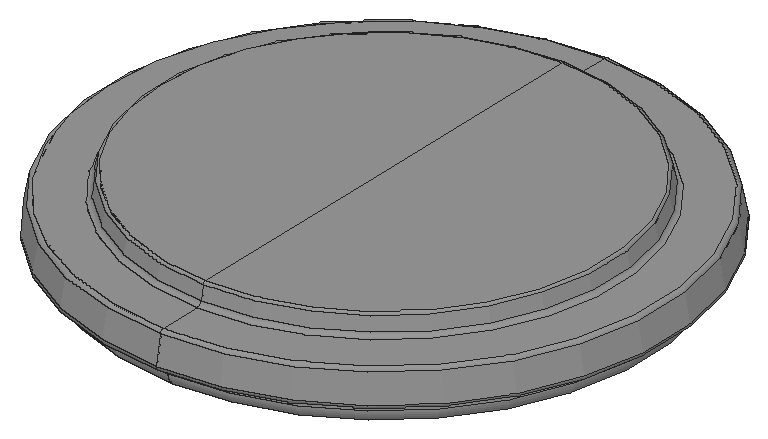
Revit family "FMK12_63_UN_Surface-mounted_ETK", category Lighting Fixtures, Revit 2017 (continued)
Definition of nested family "FMK.1 - Lightsource"
  Types (13, lengths in mm): name | Wattage Comments | Photometric Web File | built-in parameter 1150142 | Apparent Load
      53\t125.7813\t106.5085\r\n88.2355\t70.5452\t54.1615\t7.8573\t0\t0\r\n604.9325\t604.7176\t603.7796\t601.7596\t599.0029\t595.4393\t591.2503\t586.1635\t580.3285\t573.8209\r\n566.5729\t558.4662\t549.5574\t539.959\t529.6359\t518.622\t506.8968\t494.5226\t481.3277\t467.6546\r\n453.3728\t438.6295\t423.5379\t407.4691\t390.6461\t373.1217\t355.4348\t337.4507\t319.172\t300.5231\r\n281.7847\t262.9024\t244.0497\t224.0008\t203.7622\t183.799\t164.2428\t144.9022\t125.7293\t107.5918\r\n88.8514\t71.1298\t54.4435\t38.5694\t0\t0\r\n604.9325\t604.7494\t603.8591\t602.1349\t599.1772\t595.6368\t591.4608\t586.3802\t580.5395\t573.9061\r\n566.6576\t558.7326\t549.8582\t540.3013\t530.0523\t519.0994\t507.4605\t495.1326\t482.1254\t468.5441\r\n454.2405\t439.307\t423.9316\t408.0499\t391.4158\t374.6547\t357.1749\t339.1212\t320.3753\t301.4552\r\n282.4058\t263.17\t243.6782\t224.3313\t205.2234\t185.5059\t165.095\t145.3835\t126.4193\t107.5003\r\n89.5871\t71.6948\t54.518\t36.9883\t0\t0\r\n604.9325\t604.7798\t603.933\t602.2606\t599.5824\t595.8575\t591.7058\t586.6435\t580.8116\t574.1898\r\n566.9202\t558.8521\t549.9829\t540.4445\t530.3688\t519.4493\t507.8531\t495.5801\t482.6631\t469.1248\r\n454.9178\t440.2534\t424.928\t409.1933\t392.26\t375.0811\t357.6797\t339.8697\t321.5662\t303.0997\r\n284.0796\t264.4382\t244.6256\t224.8094\t205.0348\t185.2383\t165.9856\t147.0073\t127.0858\t107.9981\r\n89.7259\t72.2025\t55.0032\t33.0733\t2.9733\t0\r\n604.9325\t604.8087\t604.0009\t602.3737\t599.7493\t596.298\t592.2\t587.1644\t581.1454\t574.5515\r\n567.2809\t559.2119\t550.3447\t540.7829\t530.5511\t519.5979\t508.0056\t495.7365\t482.8831\t469.4721\r\n455.32\t440.7056\t425.4497\t409.8313\t392.9182\t375.989\t358.654\t340.8931\t322.57\t303.9496\r\n284.9419\t265.4893\t245.963\t226.2227\t206.5172\t186.1591\t166.2968\t146.6662\t127.4699\t108.8866\r\n90.4763\t72.3236\t55.4787\t29.4388\t16.9564\t0\r\n604.9325\t604.8361\t604.0626\t602.4735\t599.8962\t596.4937\t592.4457\t587.4678\t581.7164\t575.1773\r\n567.9349\t559.8858\t551.0519\t541.472\t531.0513\t520.0748\t508.4733\t496.1692\t483.3366\t469.7223\r\n455.551\t440.858\t425.587\t409.8699\t393.2087\t376.3423\t359.0181\t341.2638\t323.0544\t304.5645\r\n285.6675\t266.4002\t246.9483\t227.2771\t207.4642\t187.5942\t167.7977\t148.0403\t128.3798\t109.277\r\n90.5235\t72.6235\t56.3199\t28.8061\t14.3084\t0\r\n604.9325\t604.8617\t604.1182\t602.5602\t600.0226\t596.6587\t592.6458\t587.7121\t581.9995\t575.508\r\n568.2964\t560.2824\t551.501\t541.9643\t531.743\t520.7781\t509.1995\t496.8891\t484.1302\t470.4742\r\n456.3108\t441.5572\t426.2844\t410.4684\t394.0507\t377.1843\t359.8341\t342\t323.7882\t305.1042\r\n286.137\t266.7921\t247.3055\t227.5948\t207.825\t187.6657\t167.8486\t148.2204\t128.7693\t109.6958\r\n91.0828\t73.0008\t55.7332\t28.5158\t9.2535\t5.8306\r\n604.9325\t604.8858\t604.1675\t602.6336\t600.1283\t596.7932\t592.7994\t587.8971\t582.2037\t575.7372\r\n568.5319\t560.5294\t551.7717\t542.2778\t531.8858\t520.932\t509.3938\t497.098\t484.3744\t470.7813\r\n456.6695\t441.9743\t426.7397\t410.9949\t394.281\t377.6255\t360.349\t342.6082\t324.4077\t305.9467\r\n287.057\t267.8093\t248.3563\t228.6492\t208.8539\t188.9518\t169.1246\t149.344\t129.7127\t110.5106\r\n91.7654\t73.7774\t57.5617\t24.3495\t13.0724\t0\r\n604.9325\t604.9084\t604.2102\t602.6933\t600.2132\t596.897\t592.9066\t588.0227\t582.1208\t575.6725\r\n568.4733\t560.4987\t551.7845\t542.3932\t532.2197\t521.3168\t509.8504\t497.6049\t484.9598\t471.5946\r\n457.5683\t442.9406\t427.7495\t412.0765\t395.0762\t378.5872\t361.3233\t343.5924\t325.3398\t306.7643\r\n287.7814\t268.4081\t248.9004\t229.0701\t209.3799\t189.1876\t169.2491\t149.5934\t130.3692\t111.7187\r\n93.1623\t74.832\t56.0552\t30.1574\t17.757\t0\r\n604.9325\t604.9291\t604.2466\t602.7396\t600.277\t596.7549\t592.7641\t587.9288\t582.2718\t575.869\r\n568.7055\t560.782\t552.1376\t542.8605\t532.8647\t522.03\t510.6246\t498.4005\t485.7799\t472.303\r\n458.2807\t443.627\t428.3966\t412.6847\t395.7487\t379.043\t361.726\t344.0152\t325.8533\t307.4149\r\n288.4358\t268.8734\t249.1853\t229.375\t209.698\t190.0696\t170.6999\t151.6406\t131.5559\t112.2365\r\n93.7694\t75.9803\t57.7978\t36.3903\t3.3572\t0\r\n604.9325\t604.9482\t604.2766\t602.7724\t600.1026\t596.8317\t592.8688\t588.0895\t582.4821\t576.1402\r\n569.0311\t561.2923\t552.7151\t543.5197\t533.3842\t522.5693\t511.1655\t498.9339\t486.2842\t472.7688\r\n458.7265\t443.8734\t428.6057\t412.8898\t396.4891\t379.9651\t362.5484\t344.6873\t326.0862\t307.3448\r\n288.413\t269.2614\t249.8982\t230.6041\t211.5997\t191.9184\t171.4046\t151.5305\t132.3891\t113.1712\r\n95.0695\t77.0752\t59.9131\t42.0633\t0\t0\r\n604.9325\t604.9657\t604.2998\t602.5548\t600.1553\t596.9302\t593.0054\t588.2927\t582.7506\t576.6036\r\n569.5235\t561.6924\t553.1393\t543.9534\t533.8105\t523.0168\t511.5622\t499.366\t486.4926\t472.912\r\n459.0179\t444.3755\t429.4063\t413.6832\t397.1754\t379.8273\t362.3066\t344.5457\t326.4347\t308.0495\r\n289.4402\t270.7576\t251.9841\t231.9745\t211.6746\t191.7028\t172.0756\t152.6103\t133.1779\t114.8662\r\n95.9878\t78.1761\t61.1735\t45.795\t0\t0\r\n604.9325\t604.9814\t604.3167\t602.5756\t600.2201\t597.0494\t593.1734\t588.5362\t583.1793\t576.9316\r\n569.8621\t562.0891\t553.565\t544.2694\t534.1347\t523.3515\t511.7317\t499.6292\t486.9379\t473.6955\r\n459.8412\t444.9777\t429.3063\t413.3894\t396.8997\t380.0432\t362.8271\t345.3781\t327.6307\t309.5314\r\n291.5164\t271.8122\t251.8804\t231.996\t212.4087\t192.9384\t172.9802\t153.4783\t134.9195\t115.44\r\n97.1203\t79.0755\t62.4054\t9.3896\t0\t0\r\n604.9325\t604.9956\t604.3272\t602.6031\t600.2962\t597.1889\t593.3721\t588.9141\t583.4623\t577.2196\r\n570.1627\t562.4154\t553.8858\t544.5341\t534.2984\t523.5728\t512.1948\t500.5208\t487.6946\t473.958\r\n459.5435\t444.6901\t429.4465\t413.7537\t397.3341\t380.8483\t363.9506\t346.8691\t329.6427\t310.5199\r\n291.273\t271.8245\t252.461\t233.1913\t213.8417\t193.4848\t174.0151\t155.267\t135.3556\t116.4813\r\n97.8216\t80.1325\t63.6547\t0\t0\t0\r\n604.9325\t605.0081\t604.1035\t602.6372\t600.3825\t597.3475\t593.707\t589.127\t583.7094\t577.482\r\n570.4302\t562.6996\t554.1438\t544.6663\t534.7057\t524.3891\t513.0044\t500.7896\t487.3524\t473.6975\r\n459.518\t445.0085\t429.9797\t414.6206\t398.4095\t382.2407\t365.9518\t348.2711\t329.3178\t310.5274\r\n291.5796\t272.7277\t253.9408\t234.0297\t214.0457\t194.5929\t175.6982\t155.4975\t136.2802\t117.3421\r\n98.7646\t81.3279\t72.1805\t0\t0\t0\r\n604.9325\t605.019\t604.1119\t602.6779\t600.4786\t597.6426\t593.9105\t589.3438\t583.9467\t577.7191\r\n570.6656\t562.8212\t554.3085\t545.0755\t535.5347\t524.721\t513.0291\t500.3333\t487.3226\t473.9116\r\n459.8662\t445.6658\t430.8177\t415.8479\t400.1212\t383.9482\t365.8834\t347.7302\t329.562\t311.2079\r\n292.7026\t274.2517\t254.2433\t234.5137\t215.2238\t196.2482\t175.8172\t156.3581\t137.1786\t118.0156\r\n99.7925\t82.5063\t18.8432\t0\t0\t0\r\n604.9325\t605.0283\t604.1218\t602.7247\t600.583\t597.8102\t594.1046\t589.5447\t584.1685\t577.9335\r\n570.7476\t563.1054\t554.7514\t545.9018\t535.7763\t524.3683\t512.6077\t500.3662\t487.5755\t474.3762\r\n460.5654\t446.5906\t432.1211\t417.8057\t401.602\t383.3793\t365.8497\t348.1423\t330.3051\t312.4086\r\n294.1318\t274.1954\t254.8095\t235.669\t216.8273\t196.3608\t176.5926\t157.4869\t137.7906\t118.858\r\n100.818\t83.5993\t0\t0\t0\t0\r\n604.9325\t605.0361\t604.1334\t602.7774\t600.7864\t597.9704\t594.2876\t589.7308\t584.3744\t578.1281\r\n571.0018\t563.4848\t555.5833\t546.1282\t535.3695\t524.2805\t512.6836\t500.6473\t488.0744\t475.1119\r\n461.6374\t447.8475\t434.0262\t417.6448\t400.9644\t383.6448\t366.3432\t349.0233\t331.7904\t313.5353\r\n294.0128\t274.8492\t255.877\t237.208\t216.8648\t197.0235\t177.7961\t157.8749\t138.4358\t119.7504\r\n101.8852\t92.4739\t0\t0\t0\t0\r\n604.9325\t605.0425\t604.1466\t602.848\t600.8972\t598.1214\t594.4589\t589.9031\t584.5647\t578.2256\r\n571.3187\t564.2473\t555.8092\t545.7075\t535.2392\t524.3842\t512.9437\t501.1112\t488.7997\t476.1064\r\n463.0374\t449.343\t433.5399\t417.2783\t400.9627\t384.2803\t367.2588\t350.5131\t332.268\t313.3683\r\n294.6133\t275.9463\t257.4891\t237.3023\t217.356\t197.9306\t178.3323\t158.4724\t139.2137\t120.6822\r\n102.8483\t57.3578\t0\t0\t0\t0\r\n604.9325\t605.0474\t604.1608\t602.9137\t601.0014\t598.264\t594.6171\t590.063\t584.6305\t578.4959\r\n572.0294\t564.4703\t555.3483\t545.5818\t535.2777\t524.6268\t513.4049\t501.7638\t489.7543\t477.3344\r\n464.4028\t448.8923\t433.3396\t417.5334\t401.4281\t385.097\t368.9335\t350.8398\t332.2947\t313.863\r\n295.5771\t277.519\t257.6565\t237.7254\t218.1962\t199.0534\t178.7354\t159.0786\t140.0851\t121.6497\r\n103.8155\t0\t0\t0\t0\t0\r\n604.9325\t605.051\t604.176\t602.9834\t601.0992\t598.3979\t594.7648\t590.2104\t584.8219\t578.8225\r\n572.3363\t564.4139\t555.1729\t545.6088\t535.5075\t525.0194\t514.047\t502.6184\t490.9152\t478.6035\r\n463.8731\t448.8367\t433.4799\t418.0245\t402.1397\t386.5322\t369.0536\t350.9647\t332.8257\t314.7378\r\n297.0853\t277.7551\t257.9227\t238.481\t219.5016\t199.2458\t179.2974\t159.8236\t140.9368\t122.5844\r\n114.5266\t0\t0\t0\t0\t0\r\n604.9325\t604.8195\t604.1772\t603.163\t601.191\t598.5255\t594.895\t590.2198\t585.0512\t579.5204\r\n572.4719\t563.9005\t555.1175\t545.7701\t535.8495\t525.5278\t514.821\t503.6348\t492.264\t478.147\r\n463.7272\t448.9998\t433.9643\t418.7961\t403.6464\t387.1038\t369.0804\t351.3617\t333.5972\t315.9873\r\n297.742\t277.8849\t258.5245\t239.3997\t219.9055\t199.7153\t179.9419\t160.6418\t141.8696\t123.5432\r\n87.3022\t0\t0\t0\t0\t0\r\n604.9325\t604.8214\t604.1941\t603.235\t601.2774\t598.653\t595.016\t590.3749\t585.3173\t579.7601\r\n572.4333\t563.7933\t555.2071\t545.9861\t536.2842\t526.1054\t515.7411\t505.1648\t491.8617\t477.9997\r\n463.7712\t449.4027\t434.6692\t419.8185\t404.4636\t386.7505\t369.4002\t352.0054\t334.6783\t317.1876\r\n297.6146\t278.2823\t259.2507\t240.5064\t220.1321\t200.1444\t180.6201\t161.5081\t142.8095\t124.5313\r\n13.8642\t0\t0\t0\t0\t0\r\n604.9325\t604.8236\t604.2119\t603.3019\t601.3588\t598.7555\t595.1265\t590.5663\t585.9635\t579.8593\r\n571.9911\t563.7863\t555.3307\t546.2508\t536.8328\t526.9331\t517.2336\t505.4984\t491.6135\t478.0339\r\n464.0981\t449.9708\t435.6618\t421.0393\t404.0675\t387.0188\t369.9272\t352.9161\t336.0984\t317.049\r\n297.8658\t278.9167\t260.1671\t240.5732\t220.4028\t200.641\t181.2542\t162.264\t143.6971\t138.9319\r\n0\t0\t0\t0\t0\t0\r\n604.9325\t604.8263\t604.2307\t603.3631\t601.4313\t598.8452\t595.1065\t590.8151\t586.1914\t579.822\r\n571.9271\t563.8539\t555.4675\t546.661\t537.4583\t527.8618\t517.6741\t504.7744\t491.6731\t478.2434\r\n464.6017\t450.7338\t436.9828\t420.7421\t404.1424\t387.4658\t370.696\t354.016\t336.1698\t317.1983\r\n298.3815\t279.7143\t261.0886\t240.6791\t220.7372\t201.1309\t181.8626\t163.0016\t144.4475\t122.5815\r\n0\t0\t0\t0\t0\t0\r\n604.9325\t604.8296\t604.2504\t603.4181\t601.5048\t598.9231\t595.2406\t591.0574\t586.306\t579.3415\r\n571.9105\t564.0096\t555.7297\t547.2433\t538.1409\t529.1692\t517.1897\t504.6634\t491.8013\t478.5756\r\n465.2881\t452.0592\t437.3133\t420.7778\t404.3743\t388.0399\t371.6653\t355.0642\t336.1889\t317.5424\r\n298.9986\t280.8707\t261.0621\t240.914\t221.1175\t201.6401\t182.4991\t163.6658\t145.1424\t84.3257\r\n0\t0\t0\t0\t0\t0\r\n604.9325\t604.8332\t604.2709\t603.4669\t601.5763\t598.9896\t595.3813\t591.6653\t586.3048\t579.2256\r\n571.9268\t564.2159\t556.1016\t547.8041\t538.8916\t529.4947\t517.0631\t504.6077\t491.9608\t479.1972\r\n466.0487\t452.7796\t436.8262\t420.8991\t404.8605\t388.7535\t372.9693\t354.883\t336.3385\t317.986\r\n299.7762\t281.4547\t261.1226\t241.2359\t221.6059\t202.209\t183.1578\t164.3804\t145.8553\t11.7624\r\n0\t0\t0\t0\t0\t0\r\n604.9325\t604.8742\t604.2921\t603.4941\t601.6459\t599.0296\t595.534\t591.8113\t586.2424\t579.1327\r\n571.9926\t564.4765\t556.5369\t548.3248\t540.2008\t528.8722\t517.0076\t504.7376\t492.349\t479.714\r\n467.3129\t452.606\t436.9139\t421.1267\t405.4395\t389.6556\t373.4059\t354.9124\t336.7214\t318.5644\r\n300.8615\t281.2211\t261.3039\t241.5416\t222.049\t202.8204\t183.8329\t165.0665\t157.8062\t0\r\n0\t0\t0\t0\t0\t0\r\n604.9325\t604.8778\t604.3138\t603.5305\t601.7141\t599.0846\t595.6937\t591.9235\t585.8046\t579.085\r\n572.1029\t564.7578\t557.0364\t548.9977\t540.5541\t528.6643\t516.9564\t505.0054\t492.8264\t480.4248\r\n467.8389\t452.4841\t437.2894\t421.6733\t406.0593\t390.8949\t373.0813\t355.0514\t337.1284\t319.303\r\n301.3591\t281.2466\t261.4669\t241.8581\t222.5305\t203.3664\t184.4454\t165.7848\t137.4772\t0\r\n0\t0\t0\t0\t0\t0\r\n604.9325\t604.8809\t604.3362\t603.5621\t601.7811\t599.0352\t595.8464\t591.9852\t585.7061\t579.0857\r\n572.2264\t565.0563\t557.5744\t550.165\t540.3995\t528.673\t517.0206\t505.3604\t493.3723\t481.6559\r\n467.3623\t452.552\t437.5387\t422.5383\t407.0626\t391.1192\t373.1518\t355.3501\t337.6537\t320.3056\r\n301.165\t281.3401\t261.6688\t242.21\t222.9713\t203.9042\t185.0535\t166.4117\t103.1682\t0\r\n0\t0\t0\t0\t0\t0\r\n604.9325\t604.8836\t604.359\t603.5893\t601.8694\t599.1105\t596.0133\t592.0398\t585.6138\t579.1319\r\n572.3514\t565.3855\t558.1204\t550.6032\t539.7275\t528.6462\t517.2427\t505.6569\t494.0788\t482.057\r\n467.3569\t452.5819\t437.9086\t423.1364\t408.6546\t391.0243\t373.2044\t355.7272\t338.2397\t320.9029\r\n301.111\t281.4142\t261.9364\t242.5968\t223.431\t204.436\t185.6287\t167.0034\t27.572\t0\r\n0\t0\t0\t0\t0\t0\r\n604.9325\t604.8855\t604.4761\t603.6117\t601.9217\t599.2035\t596.533\t591.9864\t585.5043\t579.2184\r\n572.5425\t565.734\t558.6618\t550.7546\t539.5884\t528.6359\t517.5185\t506.1812\t495.04\t482.1849\r\n467.305\t452.8559\t438.287\t423.7604\t408.9102\t391.2459\t373.6942\t356.1472\t338.8603\t321.0491\r\n301.0713\t281.5636\t262.175\t242.9288\t223.8638\t204.9514\t186.2113\t182.0587\t1.1881\t0\r\n0\t0\t0\t0\t0\t0\r\n604.9325\t604.8867\t604.5028\t603.6293\t601.9638\t599.2994\t596.645\t591.5011\t585.4756\t579.3018\r\n572.8016\t566.036\t559.6409\t550.1491\t539.5084\t528.714\t517.8046\t506.6744\t495.6339\t481.5654\r\n467.4352\t453.0708\t438.8115\t424.8445\t408.3959\t391.1553\t373.9573\t356.7332\t339.7814\t320.6058\r\n301.0831\t281.6948\t262.4118\t243.275\t224.2954\t205.4324\t186.6954\t167.9441\t0\t0\r\n0\t0\t0\t0\t0\t0\r\n604.9325\t604.887\t604.5236\t603.6425\t601.9959\t599.3986\t596.7257\t591.3548\t585.5182\t579.363\r\n573.0573\t566.424\t559.9176\t549.9196\t539.5158\t528.8377\t518.1153\t507.2742\t495.7579\t481.5916\r\n467.4632\t453.474\t439.2698\t425.2443\t408.263\t391.2061\t374.1569\t357.1614\t340.0716\t320.4624\r\n301.0867\t281.8107\t262.6444\t243.5924\t224.6723\t205.8572\t187.1718\t144.9784\t0\t0\r\n0\t0\t0\t0\t0\t0\r\n604.9325\t604.8865\t604.5428\t603.6338\t602.0103\t599.4978\t596.7763\t591.2522\t585.5281\t579.4668\r\n573.3066\t566.9192\t559.9588\t549.7513\t539.4872\t529.0692\t518.4253\t508.1923\t495.3851\t481.5092\r\n467.7242\t453.7447\t439.9175\t425.2779\t408.1339\t391.3024\t374.4758\t357.6287\t340.0586\t320.3781\r\n301.1083\t281.913\t262.8388\t243.8776\t225.0242\t206.2552\t187.5981\t115.0009\t0\t0\r\n0\t0\t0\t0\t0\t0\r\n604.9325\t604.885\t604.5606\t603.645\t602.0264\t599.5935\t596.8163\t591.1682\t585.5125\t579.6428\r\n573.535\t567.325\t560.0188\t549.5766\t539.5151\t529.2436\t518.8689\t508.4588\t495.2237\t481.6326\r\n467.8736\t454.23\t440.7564\t424.7799\t408.1443\t391.3969\t374.7627\t358.4102\t339.5867\t320.3059\r\n301.1296\t282.0313\t263.0322\t244.1182\t225.3098\t206.5909\t208.5256\t41.0682\t0\t0\r\n0\t0\t0\t0\t0\t0\r\n604.9325\t604.8822\t604.5765\t603.6541\t602.0366\t599.6814\t596.7991\t591.1051\t585.5226\t579.7912\r\n573.7965\t568.1624\t559.4207\t549.5037\t539.5662\t529.4615\t519.2377\t508.6864\t495.0436\t481.679\r\n468.2064\t454.598\t441.0964\t424.6947\t408.1124\t391.6374\t375.1268\t358.6007\t339.3875\t320.2485\r\n301.1794\t282.1608\t263.2234\t244.3607\t225.5868\t206.9026\t205.2836\t16.995\t0\t0\r\n0\t0\t0\t0\t0\t0\r\n604.9325\t604.8785\t604.5908\t603.6633\t601.9395\t599.7647\t596.7418\t591.06\t585.5485\t579.8973\r\n574.0964\t568.3927\t559.2244\t549.5165\t539.6473\t529.7217\t519.6586\t508.6422\t495.0411\t481.7111\r\n468.4364\t455.1131\t441.2729\t424.5622\t408.1888\t391.8366\t375.4632\t358.6633\t339.2702\t320.1939\r\n301.1714\t282.2413\t263.3757\t244.584\t225.8505\t207.1891\t196.3747\t0\t0\t0\r\n0\t0\t0\t0\t0\t0\r\n604.9325\t604.8733\t604.6033\t603.6729\t601.9265\t600.2331\t596.6322\t591.0364\t585.5873\t580.0245\r\n574.3594\t568.5711\t559.0794\t549.4846\t539.7647\t529.9902\t520.5131\t508.1301\t494.9934\t481.8595\r\n468.6626\t455.4659\t441.221\t424.5762\t408.315\t392.0382\t376.1636\t358.1518\t339.119\t320.1416\r\n301.21\t282.3326\t263.5119\t244.7525\t226.0488\t207.4163\t183.0863\t0\t0\t0\r\n0\t0\t0\t0\t0\t0\r\n604.9325\t604.8668\t604.6139\t603.695\t601.9318\t600.3013\t596.5338\t590.9823\t585.6512\t580.1659\r\n574.5935\t568.6407\t558.9834\t549.4782\t539.8949\t530.2134\t520.7044\t508.0583\t495.0091\t481.9755\r\n468.936\t456.1777\t440.6073\t424.4889\t408.3795\t392.2535\t376.4444\t357.9475\t338.9762\t320.0694\r\n301.208\t282.3868\t263.6237\t244.9007\t226.2289\t207.6039\t166.6342\t0\t0\t0\r\n0\t0\t0\t0\t0\t0\r\n604.9325\t604.8591\t604.6493\t603.703\t601.9417\t600.3485\t596.0679\t590.8989\t585.6858\t580.3035\r\n574.8415\t568.6032\t558.9126\t549.5162\t540.0334\t530.4923\t520.8077\t507.8674\t495.0311\t482.1225\r\n469.1845\t456.3674\t440.4697\t424.4357\t408.4313\t392.4354\t376.5266\t357.6959\t338.8194\t319.9882\r\n301.1811\t282.4086\t263.6716\t244.9804\t226.3421\t207.7361\t148.0797\t0\t0\t0\r\n0\t0\t0\t0\t0\t0\r\n604.9325\t604.8499\t604.6541\t603.708\t601.9557\t600.3666\t595.9812\t590.8541\t585.6659\t580.4378\r\n575.0686\t568.5408\t558.8013\t549.5237\t540.1919\t530.7662\t520.8701\t507.7843\t494.9614\t482.1637\r\n469.3976\t456.3809\t440.3147\t424.4104\t408.4891\t392.588\t376.4753\t357.4762\t338.6657\t319.8723\r\n301.1199\t282.3935\t263.7053\t245.055\t226.4221\t207.8132\t128.3104\t0\t0\t0\r\n0\t0\t0\t0\t0\t0\r\n604.9325\t604.8391\t604.6536\t603.7099\t601.9915\t600.3844\t595.8953\t590.8399\t585.6779\t580.4851\r\n575.7618\t567.9273\t558.7536\t549.4945\t540.2391\t530.9988\t520.839\t507.746\t495.0258\t482.2626\r\n469.5282\t456.2376\t440.1362\t424.3591\t408.547\t392.7352\t376.3568\t357.2544\t338.4904\t319.7454\r\n301.0327\t282.3506\t263.6906\t245.0533\t226.4334\t230.4994\t61.4906\t0\t0\t0\r\n0\t0\t0\t0\t0\t0\r\n604.9325\t604.827\t604.6476\t603.7081\t602.0045\t600.3945\t595.8023\t590.8088\t585.7376\t
